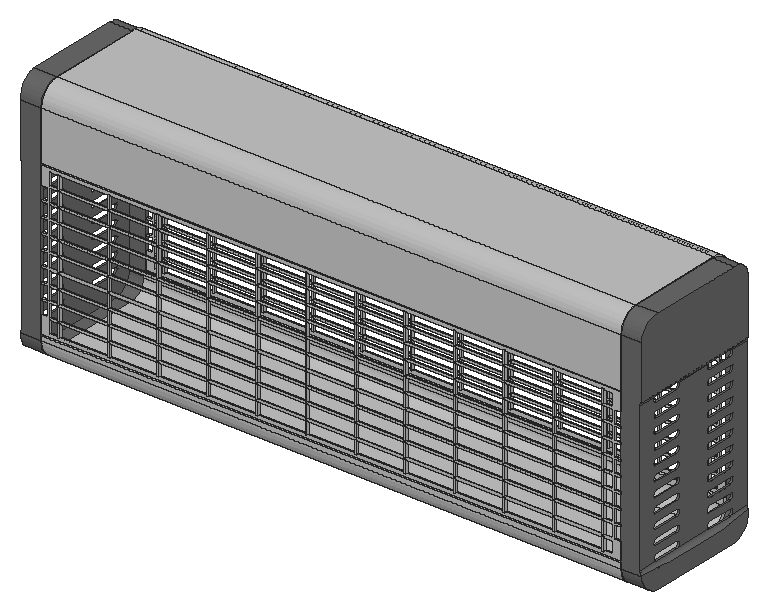
Revit family "QF_BOURGEAT_Desinsectiseur_électrique", category Equipement spécialisé, Revit 2015
Parameters (values of type "Pour 240 m²")
  nombre grille = (Longueur hors tout - 50 mm) / 50 mm  # 12
  URL catalogue = "http://www.bourgeat.fr"
  URL = ""
  Type de Raccord Electrique = ""
  Type article = ""
  Tube actinique = "2 x 40 W"
  Tension = 230 V
  Spécification du Fabricant = "Desinsectiseur modèle électrique"
  Remarques Electricité = ""
  Puissance électrique  = 105 W
  Profondeur hors tout = 140 mm
  Poids net à vide = 8.50 kg
  Phase = 2
  Longueur hors tout = 660 mm
  Modèle = "731111"
  Intensité nominale = 0.45 A
  Indice de protection = "21"
  Hauteur hors tout = 260 mm
  Fréquence = 50 Hz
  Fabricant = "BOURGEAT"
  Description = ""
  Cote grille = ((Longueur hors tout - 50 mm) - ((nombre grille - 1) * 52 mm + 2 mm)) / 2  # 18 mm
  Contact SAV = "0033(4).76.32.14.44"
  Type Comments = ""
Types (4, lengths in mm): name | nombre grille | Tube actinique | Puissance électrique  | Poids net à vide | Longueur hors tout | Modèle | Intensité nominale | Cote grille
  (no name) | 12 | "2 x 40 W" | 105 W | 8.50 kg | 660 | "731111" | 0.45 A | 18
  Pour 40 m² | 6 | "2 x 8 W" | 25 W | 4.00 kg | 360 | "731109" | 0.11 A | 24
  Pour 80 m² | 10 | "2 x 15 W" | 45 W | 4.50 kg | 530 | "731110" | 0.2 A | 5
  Pour 240 m² | 12 | "2 x 40 W" | 105 W | 8.50 kg | 660 | "731111" | 0.45 A | 18
Reference planes
  plane 1 "Centre (avant/arrière)": y = 0
  plane 2: z = 0
  plane 3 "Centre (gauche/droite)": x = 0
  plane 4: y = 70
  plane 5: x = -330
  plane 6: x = 330
  plane 7: y = -70
  plane 8: z = 260
  plane 9: x = -305
  plane 10: x = 305
  plane 11: x = -287
  plane 12: x = 287
Forms (mm)
  Extrusion 1, solid, material "Plastique gris"
    sketch origin (0, 0, 0) x (0, 1, 0) y (0, 0, 1)
      loop
        line (-70, 240) -> (-70, 187.685) -> (-68, 187.685) -> (-68, 240)
        arc (-68, 240) -> (-62.728, 252.728) -> (-50, 258) r 18
        line (-50, 258) -> (53, 258)
        arc (53, 258) -> (63.607, 253.607) -> (68, 243) r 15
        line (68, 243) -> (68, 190.685) -> (70, 190.685) -> (70, 243)
        arc (70, 243) -> (65.021, 255.021) -> (53, 260) r 17
        line (53, 260) -> (-50, 260)
        arc (-50, 260) -> (-64.142, 254.142) -> (-70, 240) r 20
      loop
        line (-50, 0) -> (50, 0)
        arc (50, 0) -> (64.142, 5.858) -> (70, 20) r 20
        line (70, 20) -> (70, 26.536) -> (65, 26.536) -> (65, 20)
        arc (65, 20) -> (60.607, 9.393) -> (50, 5) r 15
        line (50, 5) -> (-50, 5)
        arc (-50, 5) -> (-60.607, 9.393) -> (-65, 20) r 15
        line (-65, 20) -> (-65, 25) -> (-70, 25) -> (-70, 20)
        arc (-70, 20) -> (-64.142, 5.858) -> (-50, 0) r 20
    from -305 to 305
  Extrusion 2, solid, material "Plastique gris"
    sketch origin (186, -323.5, 0) x (-1, 0, 0) y (0, 0, -1)
      loop
        line (491, -185.969) -> (491, -167.185) -> (483.997, -167.185) -> (483.997, -153.685) -> (491, -153.685) -> (491, -151.685) -> (483.997, -151.685) -> (483.997, -138.185) -> (491, -138.185) -> (491, -136.185) -> (483.997, -136.185) -> (483.997, -122.685) -> (491, -122.685) -> (491, -120.685) -> (483.997, -120.685) -> (483.997, -107.185) -> (491, -107.185) -> (491, -105.185) -> (483.997, -105.185) -> (483.997, -91.685) -> (491, -91.685) -> (491, -89.685) -> (483.997, -89.685) -> (483.997, -76.185) -> (491, -76.185) -> (491, -74.185) -> (483.997, -74.185) -> (483.997, -60.685) -> (491, -60.685) -> (491, -58.685) -> (483.997, -58.685) -> (483.997, -45.185) -> (491, -45.185) -> (491, -26.901) -> (-119, -26.901) -> (-119, -45.185) -> (-111.997, -45.185) -> (-111.997, -58.685) -> (-119, -58.685) -> (-119, -60.685) -> (-111.997, -60.685) -> (-111.997, -74.185) -> (-119, -74.185) -> (-119, -76.185) -> (-111.997, -76.185) -> (-111.997, -89.685) -> (-119, -89.685) -> (-119, -91.685) -> (-111.997, -91.685) -> (-111.997, -105.185) -> (-119, -105.185) -> (-119, -107.185) -> (-111.997, -107.185) -> (-111.997, -120.685) -> (-119, -120.685) -> (-119, -122.685) -> (-111.997, -122.685) -> (-111.997, -136.185) -> (-119, -136.185) -> (-119, -138.185) -> (-111.997, -138.185) -> (-111.997, -151.685) -> (-119, -151.685) -> (-119, -153.685) -> (-111.997, -153.685) -> (-111.997, -167.185) -> (-119, -167.185) -> (-119, -185.969) -> (491, -185.969)
      loop
        line (-109.997, -182.685) -> (481.997, -182.685) -> (481.997, -169.185) -> (-109.997, -169.185) -> (-109.997, -182.685)
      loop
        line (-109.997, -30.185) -> (-109.997, -43.185) -> (481.997, -43.185) -> (481.997, -30.185) -> (-109.997, -30.185)
      loop
        line (481.997, -167.185) -> (481.997, -153.685) -> (-109.997, -153.685) -> (-109.997, -167.185) -> (481.997, -167.185)
      loop
        line (481.997, -151.685) -> (481.997, -138.185) -> (-109.997, -138.185) -> (-109.997, -151.685) -> (481.997, -151.685)
      loop
        line (481.997, -136.185) -> (481.997, -122.685) -> (-109.997, -122.685) -> (-109.997, -136.185) -> (481.997, -136.185)
      loop
        line (481.997, -120.685) -> (481.997, -107.185) -> (-109.997, -107.185) -> (-109.997, -120.685) -> (481.997, -120.685)
      loop
        line (481.997, -105.185) -> (481.997, -91.685) -> (-109.997, -91.685) -> (-109.997, -105.185) -> (481.997, -105.185)
      loop
        line (481.997, -89.685) -> (481.997, -76.185) -> (-109.997, -76.185) -> (-109.997, -89.685) -> (481.997, -89.685)
      loop
        line (481.997, -74.185) -> (481.997, -60.685) -> (-109.997, -60.685) -> (-109.997, -74.185) -> (481.997, -74.185)
      loop
        line (481.997, -58.685) -> (481.997, -45.185) -> (-109.997, -45.185) -> (-109.997, -58.685) -> (481.997, -58.685)
    from -255.5 to -253.5
  Extrusion 3, solid, material "Plastique gris"
    sketch origin (186, 323.5, 0) x (-1, 0, 0) y (0, 0, 1)
      loop
        line (491, 185.969) -> (-119, 185.969) -> (-119, 167.185) -> (-111.997, 167.185) -> (-111.997, 153.685) -> (-119, 153.685) -> (-119, 151.685) -> (-111.997, 151.685) -> (-111.997, 138.185) -> (-119, 138.185) -> (-119, 136.185) -> (-111.997, 136.185) -> (-111.997, 122.685) -> (-119, 122.685) -> (-119, 120.685) -> (-111.997, 120.685) -> (-111.997, 107.185) -> (-119, 107.185) -> (-119, 105.185) -> (-111.997, 105.185) -> (-111.997, 91.685) -> (-119, 91.685) -> (-119, 89.685) -> (-111.997, 89.685) -> (-111.997, 76.185) -> (-119, 76.185) -> (-119, 74.185) -> (-111.997, 74.185) -> (-111.997, 60.685) -> (-119, 60.685) -> (-119, 58.685) -> (-111.997, 58.685) -> (-111.997, 45.185) -> (-119, 45.185) -> (-119, 26.901) -> (491, 26.901) -> (491, 45.185) -> (483.997, 45.185) -> (483.997, 58.685) -> (491, 58.685) -> (491, 60.685) -> (483.997, 60.685) -> (483.997, 74.185) -> (491, 74.185) -> (491, 76.185) -> (483.997, 76.185) -> (483.997, 89.685) -> (491, 89.685) -> (491, 91.685) -> (483.997, 91.685) -> (483.997, 105.185) -> (491, 105.185) -> (491, 107.185) -> (483.997, 107.185) -> (483.997, 120.685) -> (491, 120.685) -> (491, 122.685) -> (483.997, 122.685) -> (483.997, 136.185) -> (491, 136.185) -> (491, 138.185) -> (483.997, 138.185) -> (483.997, 151.685) -> (491, 151.685) -> (491, 153.685) -> (483.997, 153.685) -> (483.997, 167.185) -> (491, 167.185) -> (491, 185.969)
      loop
        line (-109.997, 182.685) -> (-109.997, 169.185) -> (481.997, 169.185) -> (481.997, 182.685) -> (-109.997, 182.685)
      loop
        line (-109.997, 30.185) -> (481.997, 30.185) -> (481.997, 43.185) -> (-109.997, 43.185) -> (-109.997, 30.185)
      loop
        line (481.997, 167.185) -> (-109.997, 167.185) -> (-109.997, 153.685) -> (481.997, 153.685) -> (481.997, 167.185)
      loop
        line (481.997, 151.685) -> (-109.997, 151.685) -> (-109.997, 138.185) -> (481.997, 138.185) -> (481.997, 151.685)
      loop
        line (481.997, 136.185) -> (-109.997, 136.185) -> (-109.997, 122.685) -> (481.997, 122.685) -> (481.997, 136.185)
      loop
        line (481.997, 120.685) -> (-109.997, 120.685) -> (-109.997, 107.185) -> (481.997, 107.185) -> (481.997, 120.685)
      loop
        line (481.997, 105.185) -> (-109.997, 105.185) -> (-109.997, 91.685) -> (481.997, 91.685) -> (481.997, 105.185)
      loop
        line (481.997, 89.685) -> (-109.997, 89.685) -> (-109.997, 76.185) -> (481.997, 76.185) -> (481.997, 89.685)
      loop
        line (481.997, 74.185) -> (-109.997, 74.185) -> (-109.997, 60.685) -> (481.997, 60.685) -> (481.997, 74.185)
      loop
        line (481.997, 58.685) -> (-109.997, 58.685) -> (-109.997, 45.185) -> (481.997, 45.185) -> (481.997, 58.685)
    from -255.5 to -253.5
Dimensions and locks
  equal spacing: plane 5, plane 3 "Centre (gauche/droite)", plane 6
  equal spacing: plane 4, plane 1 "Centre (avant/arrière)", plane 7
  "Longueur hors tout": plane 5 to plane 6
  "Profondeur hors tout": plane 4 to plane 7
  "Hauteur hors tout": plane 2 to plane 8
  plane 5 to plane 9 = 25 mm
  plane 10 to plane 6 = 25 mm
  plane 10 to plane 9 = 610 mm
  "Cote grille": plane 11 to plane 9
  "Cote grille": plane 10 to plane 12
  equal spacing: group 1, group 3, group 4, group 5, group 6, group 7, group 8, group 9, group 10, group 11, group 12, group 2  (x3)
  aligned and locked: level to plane 2
  aligned and locked: plane 10 to Extrusion 1
  aligned and locked: Extrusion 1 to plane 9
  aligned and locked: Extrusion 2 sketch curve to plane 10
  aligned and locked: Extrusion 2 sketch curve to plane 9
  aligned and locked: Extrusion 2 to Extrusion 1
  aligned and locked: Extrusion 2 to plane 7
  aligned and locked: plane 9 to nested 1
  aligned and locked: nested 2 to plane 1 "Centre (avant/arrière)"
  aligned and locked: nested 2 to plane 10
  aligned and locked: plane 11 to nested 3
  aligned and locked: nested 4 to plane 7
  aligned and locked: plane 11 to nested 4
  aligned and locked: plane 11 to nested 6
  aligned and locked: plane 11 to nested 5
  aligned and locked: plane 11 to nested 8
  aligned and locked: plane 11 to nested 7
  aligned and locked: plane 11 to nested 10
  aligned and locked: plane 11 to nested 9
  aligned and locked: plane 11 to nested 12
  aligned and locked: plane 11 to nested 11
  aligned and locked: plane 11 to nested 14
  aligned and locked: plane 11 to nested 13
  aligned and locked: plane 12 to nested 24
Automatic sketch dimensions
  Extrusion 1 sketch curve to Extrusion 1 sketch curve = 0 mm  (x8)
  Extrusion 1 sketch curve to plane 7 = 0 mm  (x2)
  Extrusion 1 sketch curve to level = 0 mm
  plane 8 to Extrusion 1 sketch curve = 0 mm
  Extrusion 1 sketch curve to plane 4 = 0 mm  (x2)
  Extrusion 1 sketch curve to Extrusion 1 sketch curve = 2 mm
  Extrusion 1 sketch curve to Extrusion 1 sketch curve = 5 mm  (x2)
  plane 7 to Extrusion 1 sketch curve = 20 mm  (x2)
  Extrusion 1 sketch curve to Extrusion 1 sketch curve = 15 mm  (x2)
  Extrusion 1 sketch curve to Extrusion 1 sketch curve = 6.536 mm
  Extrusion 1 sketch curve to Extrusion 1 sketch curve = 52.315 mm  (x2)
  Extrusion 2 sketch curve to plane 10 = 0 mm  (x8)
  Extrusion 2 sketch curve to plane 9 = 0 mm  (x8)
  Extrusion 2 sketch curve to Extrusion 2 sketch curve = 7.003 mm  (x5)
  Extrusion 2 sketch curve to Extrusion 2 sketch curve = 0 mm  (x32)
  Extrusion 2 sketch curve to Extrusion 2 sketch curve = 2 mm  (x34)
  plane 9 to Extrusion 2 sketch curve = 9.003 mm  (x3)
  plane 8 to Extrusion 2 sketch curve = 74.031 mm
  Extrusion 2 sketch curve to Extrusion 2 sketch curve = 3.284 mm  (x2)
  Extrusion 2 sketch curve to Extrusion 2 sketch curve = 13.5 mm  (x12)
  Extrusion 2 sketch curve to Extrusion 2 sketch curve = 13 mm
  Extrusion 3 sketch curve to plane 10 = 0 mm  (x9)
  Extrusion 3 sketch curve to plane 9 = 0 mm  (x9)
  Extrusion 3 sketch curve to Extrusion 3 sketch curve = 7.003 mm  (x5)
  Extrusion 3 sketch curve to Extrusion 3 sketch curve = 0 mm  (x39)
  Extrusion 3 sketch curve to Extrusion 3 sketch curve = 2 mm  (x27)
  plane 9 to Extrusion 3 sketch curve = 9.003 mm  (x3)
  level to Extrusion 3 sketch curve = 26.901 mm
  Extrusion 3 sketch curve to Extrusion 3 sketch curve = 3.284 mm  (x2)
  Extrusion 3 sketch curve to Extrusion 3 sketch curve = 13 mm
  Extrusion 3 sketch curve to Extrusion 3 sketch curve = 13.5 mm  (x12)
Nested families
  nested 1: "joues" at (-305, 0, 0), type "joues"
  nested 2: "joues" at (305, 0, 0) x (-1, 0, 0) z (0, 0, 1), type "joues"
  nested 3: "Grille" at (-287, 70, 169.185), type "Grille"
  nested 4: "Grille" at (-287, -68, 169.185), type "Grille"
  nested 5: "Grille" at (-287, 70, 153.685), type "Grille"
  nested 6: "Grille" at (-287, -68, 153.685), type "Grille"
  nested 7: "Grille" at (-287, 70, 138.185), type "Grille"
  nested 8: "Grille" at (-287, -68, 138.185), type "Grille"
  nested 9: "Grille" at (-287, 70, 122.685), type "Grille"
  nested 10: "Grille" at (-287, -68, 122.685), type "Grille"
  nested 11: "Grille" at (-287, 70, 107.185), type "Grille"
  nested 12: "Grille" at (-287, -68, 107.185), type "Grille"
  nested 13: "Grille" at (-287, 70, 91.685), type "Grille"
  nested 14: "Grille" at (-287, -68, 91.685), type "Grille"
  nested 15: "Grille" at (-287, 70, 76.185), type "Grille"
  nested 16: "Grille" at (-287, -68, 76.185), type "Grille"
  nested 17: "Grille" at (-287, 70, 60.685), type "Grille"
  nested 18: "Grille" at (-287, -68, 60.685), type "Grille"
  nested 19: "Grille" at (-287, 70, 45.185), type "Grille"
  nested 20: "Grille" at (-287, -68, 45.185), type "Grille"
  nested 21: "Grille" at (-287, 70, 29.685), type "Grille"
  nested 22: "Grille" at (-287, -68, 29.685), type "Grille"
  nested 23: "Grille" at (285, 70, 169.185), type "Grille"
  nested 24: "Grille" at (285, -68, 169.185), type "Grille"
  nested 25: "Grille" at (285, 70, 153.685), type "Grille"
  nested 26: "Grille" at (285, -68, 153.685), type "Grille"
  nested 27: "Grille" at (285, 70, 138.185), type "Grille"
  nested 28: "Grille" at (285, -68, 138.185), type "Grille"
  nested 29: "Grille" at (285, 70, 122.685), type "Grille"
  nested 30: "Grille" at (285, -68, 122.685), type "Grille"
  nested 31: "Grille" at (285, 70, 107.185), type "Grille"
  nested 32: "Grille" at (285, -68, 107.185), type "Grille"
  nested 33: "Grille" at (285, 70, 91.685), type "Grille"
  nested 34: "Grille" at (285, -68, 91.685), type "Grille"
  nested 35: "Grille" at (285, 70, 76.185), type "Grille"
  nested 36: "Grille" at (285, -68, 76.185), type "Grille"
  nested 37: "Grille" at (285, 70, 60.685), type "Grille"
  nested 38: "Grille" at (285, -68, 60.685), type "Grille"
  nested 39: "Grille" at (285, 70, 45.185), type "Grille"
  nested 40: "Grille" at (285, -68, 45.185), type "Grille"
  nested 41: "Grille" at (285, 70, 29.685), type "Grille"
  nested 42: "Grille" at (285, -68, 29.685), type "Grille"
  nested 43: "Grille" at (-235, 70, 169.185), type "Grille"
  nested 44: "Grille" at (-235, -68, 169.185), type "Grille"
  nested 45: "Grille" at (-235, 70, 153.685), type "Grille"
  nested 46: "Grille" at (-235, -68, 153.685), type "Grille"
  nested 47: "Grille" at (-235, 70, 138.185), type "Grille"
  nested 48: "Grille" at (-235, -68, 138.185), type "Grille"
  nested 49: "Grille" at (-235, 70, 122.685), type "Grille"
  nested 50: "Grille" at (-235, -68, 122.685), type "Grille"
  nested 51: "Grille" at (-235, 70, 107.185), type "Grille"
  nested 52: "Grille" at (-235, -68, 107.185), type "Grille"
  nested 53: "Grille" at (-235, 70, 91.685), type "Grille"
  nested 54: "Grille" at (-235, -68, 91.685), type "Grille"
  nested 55: "Grille" at (-235, 70, 76.185), type "Grille"
  nested 56: "Grille" at (-235, -68, 76.185), type "Grille"
  nested 57: "Grille" at (-235, 70, 60.685), type "Grille"
  nested 58: "Grille" at (-235, -68, 60.685), type "Grille"
  nested 59: "Grille" at (-235, 70, 45.185), type "Grille"
  nested 60: "Grille" at (-235, -68, 45.185), type "Grille"
  nested 61: "Grille" at (-235, 70, 29.685), type "Grille"
  nested 62: "Grille" at (-235, -68, 29.685), type "Grille"
  nested 63: "Grille" at (-183, 70, 169.185), type "Grille"
  nested 64: "Grille" at (-183, -68, 169.185), type "Grille"
  nested 65: "Grille" at (-183, 70, 153.685), type "Grille"
  nested 66: "Grille" at (-183, -68, 153.685), type "Grille"
  nested 67: "Grille" at (-183, 70, 138.185), type "Grille"
  nested 68: "Grille" at (-183, -68, 138.185), type "Grille"
  nested 69: "Grille" at (-183, 70, 122.685), type "Grille"
  nested 70: "Grille" at (-183, -68, 122.685), type "Grille"
  nested 71: "Grille" at (-183, 70, 107.185), type "Grille"
  nested 72: "Grille" at (-183, -68, 107.185), type "Grille"
  nested 73: "Grille" at (-183, 70, 91.685), type "Grille"
  nested 74: "Grille" at (-183, -68, 91.685), type "Grille"
  nested 75: "Grille" at (-183, 70, 76.185), type "Grille"
  nested 76: "Grille" at (-183, -68, 76.185), type "Grille"
  nested 77: "Grille" at (-183, 70, 60.685), type "Grille"
  nested 78: "Grille" at (-183, -68, 60.685), type "Grille"
  nested 79: "Grille" at (-183, 70, 45.185), type "Grille"
  nested 80: "Grille" at (-183, -68, 45.185), type "Grille"
  nested 81: "Grille" at (-183, 70, 29.685), type "Grille"
  nested 82: "Grille" at (-183, -68, 29.685), type "Grille"
  nested 83: "Grille" at (-131, 70, 169.185), type "Grille"
  nested 84: "Grille" at (-131, -68, 169.185), type "Grille"
  nested 85: "Grille" at (-131, 70, 153.685), type "Grille"
  nested 86: "Grille" at (-131, -68, 153.685), type "Grille"
  nested 87: "Grille" at (-131, 70, 138.185), type "Grille"
  nested 88: "Grille" at (-131, -68, 138.185), type "Grille"
  nested 89: "Grille" at (-131, 70, 122.685), type "Grille"
  nested 90: "Grille" at (-131, -68, 122.685), type "Grille"
  nested 91: "Grille" at (-131, 70, 107.185), type "Grille"
  nested 92: "Grille" at (-131, -68, 107.185), type "Grille"
  nested 93: "Grille" at (-131, 70, 91.685), type "Grille"
  nested 94: "Grille" at (-131, -68, 91.685), type "Grille"
  nested 95: "Grille" at (-131, 70, 76.185), type "Grille"
  nested 96: "Grille" at (-131, -68, 76.185), type "Grille"
  nested 97: "Grille" at (-131, 70, 60.685), type "Grille"
  nested 98: "Grille" at (-131, -68, 60.685), type "Grille"
  nested 99: "Grille" at (-131, 70, 45.185), type "Grille"
  nested 100: "Grille" at (-131, -68, 45.185), type "Grille"
  nested 101: "Grille" at (-131, 70, 29.685), type "Grille"
  nested 102: "Grille" at (-131, -68, 29.685), type "Grille"
  nested 103: "Grille" at (-79, 70, 169.185), type "Grille"
  nested 104: "Grille" at (-79, -68, 169.185), type "Grille"
  nested 105: "Grille" at (-79, 70, 153.685), type "Grille"
  nested 106: "Grille" at (-79, -68, 153.685), type "Grille"
  nested 107: "Grille" at (-79, 70, 138.185), type "Grille"
  nested 108: "Grille" at (-79, -68, 138.185), type "Grille"
  nested 109: "Grille" at (-79, 70, 122.685), type "Grille"
  nested 110: "Grille" at (-79, -68, 122.685), type "Grille"
  nested 111: "Grille" at (-79, 70, 107.185), type "Grille"
  nested 112: "Grille" at (-79, -68, 107.185), type "Grille"
  nested 113: "Grille" at (-79, 70, 91.685), type "Grille"
  nested 114: "Grille" at (-79, -68, 91.685), type "Grille"
  nested 115: "Grille" at (-79, 70, 76.185), type "Grille"
  nested 116: "Grille" at (-79, -68, 76.185), type "Grille"
  nested 117: "Grille" at (-79, 70, 60.685), type "Grille"
  nested 118: "Grille" at (-79, -68, 60.685), type "Grille"
  nested 119: "Grille" at (-79, 70, 45.185), type "Grille"
  nested 120: "Grille" at (-79, -68, 45.185), type "Grille"
  nested 121: "Grille" at (-79, 70, 29.685), type "Grille"
  nested 122: "Grille" at (-79, -68, 29.685), type "Grille"
  nested 123: "Grille" at (-27, 70, 169.185), type "Grille"
  nested 124: "Grille" at (-27, -68, 169.185), type "Grille"
  nested 125: "Grille" at (-27, 70, 153.685), type "Grille"
  nested 126: "Grille" at (-27, -68, 153.685), type "Grille"
  nested 127: "Grille" at (-27, 70, 138.185), type "Grille"
  nested 128: "Grille" at (-27, -68, 138.185), type "Grille"
  nested 129: "Grille" at (-27, 70, 122.685), type "Grille"
  nested 130: "Grille" at (-27, -68, 122.685), type "Grille"
  nested 131: "Grille" at (-27, 70, 107.185), type "Grille"
  nested 132: "Grille" at (-27, -68, 107.185), type "Grille"
  nested 133: "Grille" at (-27, 70, 91.685), type "Grille"
  nested 134: "Grille" at (-27, -68, 91.685), type "Grille"
  nested 135: "Grille" at (-27, 70, 76.185), type "Grille"
  nested 136: "Grille" at (-27, -68, 76.185), type "Grille"
  nested 137: "Grille" at (-27, 70, 60.685), type "Grille"
  nested 138: "Grille" at (-27, -68, 60.685), type "Grille"
  nested 139: "Grille" at (-27, 70, 45.185), type "Grille"
  nested 140: "Grille" at (-27, -68, 45.185), type "Grille"
  nested 141: "Grille" at (-27, 70, 29.685), type "Grille"
  nested 142: "Grille" at (-27, -68, 29.685), type "Grille"
  nested 143: "Grille" at (25, 70, 169.185), type "Grille"
  nested 144: "Grille" at (25, -68, 169.185), type "Grille"
  nested 145: "Grille" at (25, 70, 153.685), type "Grille"
  nested 146: "Grille" at (25, -68, 153.685), type "Grille"
  nested 147: "Grille" at (25, 70, 138.185), type "Grille"
  nested 148: "Grille" at (25, -68, 138.185), type "Grille"
  nested 149: "Grille" at (25, 70, 122.685), type "Grille"
  nested 150: "Grille" at (25, -68, 122.685), type "Grille"
  nested 151: "Grille" at (25, 70, 107.185), type "Grille"
  nested 152: "Grille" at (25, -68, 107.185), type "Grille"
  nested 153: "Grille" at (25, 70, 91.685), type "Grille"
  nested 154: "Grille" at (25, -68, 91.685), type "Grille"
  nested 155: "Grille" at (25, 70, 76.185), type "Grille"
  nested 156: "Grille" at (25, -68, 76.185), type "Grille"
  nested 157: "Grille" at (25, 70, 60.685), type "Grille"
  nested 158: "Grille" at (25, -68, 60.685), type "Grille"
  nested 159: "Grille" at (25, 70, 45.185), type "Grille"
  nested 160: "Grille" at (25, -68, 45.185), type "Grille"
  nested 161: "Grille" at (25, 70, 29.685), type "Grille"
  nested 162: "Grille" at (25, -68, 29.685), type "Grille"
  nested 163: "Grille" at (77, 70, 169.185), type "Grille"
  nested 164: "Grille" at (77, -68, 169.185), type "Grille"
  nested 165: "Grille" at (77, 70, 153.685), type "Grille"
  nested 166: "Grille" at (77, -68, 153.685), type "Grille"
  nested 167: "Grille" at (77, 70, 138.185), type "Grille"
  nested 168: "Grille" at (77, -68, 138.185), type "Grille"
  nested 169: "Grille" at (77, 70, 122.685), type "Grille"
  nested 170: "Grille" at (77, -68, 122.685), type "Grille"
  nested 171: "Grille" at (77, 70, 107.185), type "Grille"
  nested 172: "Grille" at (77, -68, 107.185), type "Grille"
  nested 173: "Grille" at (77, 70, 91.685), type "Grille"
  nested 174: "Grille" at (77, -68, 91.685), type "Grille"
  nested 175: "Grille" at (77, 70, 76.185), type "Grille"
  nested 176: "Grille" at (77, -68, 76.185), type "Grille"
  nested 177: "Grille" at (77, 70, 60.685), type "Grille"
  nested 178: "Grille" at (77, -68, 60.685), type "Grille"
  nested 179: "Grille" at (77, 70, 45.185), type "Grille"
  nested 180: "Grille" at (77, -68, 45.185), type "Grille"
  nested 181: "Grille" at (77, 70, 29.685), type "Grille"
  nested 182: "Grille" at (77, -68, 29.685), type "Grille"
  nested 183: "Grille" at (129, 70, 169.185), type "Grille"
  nested 184: "Grille" at (129, -68, 169.185), type "Grille"
  nested 185: "Grille" at (129, 70, 153.685), type "Grille"
  nested 186: "Grille" at (129, -68, 153.685), type "Grille"
  nested 187: "Grille" at (129, 70, 138.185), type "Grille"
  nested 188: "Grille" at (129, -68, 138.185), type "Grille"
  nested 189: "Grille" at (129, 70, 122.685), type "Grille"
  nested 190: "Grille" at (129, -68, 122.685), type "Grille"
  nested 191: "Grille" at (129, 70, 107.185), type "Grille"
  nested 192: "Grille" at (129, -68, 107.185), type "Grille"
  nested 193: "Grille" at (129, 70, 91.685), type "Grille"
  nested 194: "Grille" at (129, -68, 91.685), type "Grille"
  nested 195: "Grille" at (129, 70, 76.185), type "Grille"
  nested 196: "Grille" at (129, -68, 76.185), type "Grille"
  nested 197: "Grille" at (129, 70, 60.685), type "Grille"
  nested 198: "Grille" at (129, -68, 60.685), type "Grille"
  nested 199: "Grille" at (129, 70, 45.185), type "Grille"
  nested 200: "Grille" at (129, -68, 45.185), type "Grille"
  nested 201: "Grille" at (129, 70, 29.685), type "Grille"
  nested 202: "Grille" at (129, -68, 29.685), type "Grille"
  nested 203: "Grille" at (181, 70, 169.185), type "Grille"
  nested 204: "Grille" at (181, -68, 169.185), type "Grille"
  nested 205: "Grille" at (181, 70, 153.685), type "Grille"
  nested 206: "Grille" at (181, -68, 153.685), type "Grille"
  nested 207: "Grille" at (181, 70, 138.185), type "Grille"
  nested 208: "Grille" at (181, -68, 138.185), type "Grille"
  nested 209: "Grille" at (181, 70, 122.685), type "Grille"
  nested 210: "Grille" at (181, -68, 122.685), type "Grille"
  nested 211: "Grille" at (181, 70, 107.185), type "Grille"
  nested 212: "Grille" at (181, -68, 107.185), type "Grille"
  nested 213: "Grille" at (181, 70, 91.685), type "Grille"
  nested 214: "Grille" at (181, -68, 91.685), type "Grille"
  nested 215: "Grille" at (181, 70, 76.185), type "Grille"
  nested 216: "Grille" at (181, -68, 76.185), type "Grille"
  nested 217: "Grille" at (181, 70, 60.685), type "Grille"
  nested 218: "Grille" at (181, -68, 60.685), type "Grille"
  nested 219: "Grille" at (181, 70, 45.185), type "Grille"
  nested 220: "Grille" at (181, -68, 45.185), type "Grille"
  nested 221: "Grille" at (181, 70, 29.685), type "Grille"
  nested 222: "Grille" at (181, -68, 29.685), type "Grille"
  nested 223: "Grille" at (233, 70, 169.185), type "Grille"
  nested 224: "Grille" at (233, -68, 169.185), type "Grille"
  nested 225: "Grille" at (233, 70, 153.685), type "Grille"
  nested 226: "Grille" at (233, -68, 153.685), type "Grille"
  nested 227: "Grille" at (233, 70, 138.185), type "Grille"
  nested 228: "Grille" at (233, -68, 138.185), type "Grille"
  nested 229: "Grille" at (233, 70, 122.685), type "Grille"
  nested 230: "Grille" at (233, -68, 122.685), type "Grille"
  nested 231: "Grille" at (233, 70, 107.185), type "Grille"
  nested 232: "Grille" at (233, -68, 107.185), type "Grille"
  nested 233: "Grille" at (233, 70, 91.685), type "Grille"
  nested 234: "Grille" at (233, -68, 91.685), type "Grille"
  nested 235: "Grille" at (233, 70, 76.185), type "Grille"
  nested 236: "Grille" at (233, -68, 76.185), type "Grille"
  nested 237: "Grille" at (233, 70, 60.685), type "Grille"
  nested 238: "Grille" at (233, -68, 60.685), type "Grille"
  nested 239: "Grille" at (233, 70, 45.185), type "Grille"
  nested 240: "Grille" at (233, -68, 45.185), type "Grille"
  nested 241: "Grille" at (233, 70, 29.685), type "Grille"
  nested 242: "Grille" at (233, -68, 29.685), type "Grille"
Definition of nested family "joues"
  Parameters (values of type "joues")
    nombre grille = (Longueur hors tout - 50 mm) / 50 mm  # 12
    URL = "http://www.matferbourgeat.com"
    Largeur hors tout = 140 mm
    Poids à vide = "4 kg"
    Model = "731109"
    Longueur hors tout = 660 mm
    Hauteur hors tout = 260 mm
    Manufacturer = "BOURGEAT"
    Description = "Modèle électrique"
    Cote grille = ((Longueur hors tout - 50 mm) - ((nombre grille - 1) * 52 mm + 2 mm)) / 2  # 18 mm
    Type Comments = "Desinsectiseur"
  Reference planes
    plane 1 "Centre (avant/arrière)": y = 0
    plane 2: z = 0
    plane 3 "Centre (gauche/droite)": x = 0
    plane 4: y = 70
    plane 5: y = -70
    plane 6: z = 260
    plane 7: x = -25
  Forms (mm)
    Extrusion 1, void
      sketch origin (0, 0, 0) x (0, 1, 0) y (0, 0, 1)
        loop
          line (-86.248, 275.949) -> (-86.248, -19.051) -> (88.752, -19.051) -> (88.752, 275.949) -> (-86.248, 275.949)
        loop
          line (-70, 240) -> (-70, 20)
          arc (-70, 20) -> (-64.142, 5.858) -> (-50, 0) r 20
          line (-50, 0) -> (50, 0)
          arc (50, 0) -> (64.142, 5.858) -> (70, 20) r 20
          line (70, 20) -> (70, 240)
          arc (70, 240) -> (64.142, 254.142) -> (50, 260) r 20
          line (50, 260) -> (-50, 260)
          arc (-50, 260) -> (-64.142, 254.142) -> (-70, 240) r 20
      from -30 to 0
    Extrusion 2, void
      sketch origin (491, -323.5, 0) x (-1, 0, 0) y (0, 0, -1)
        loop
          line (511, -25) -> (511, -180)
          arc (511, -180) -> (512.464, -183.536) -> (516, -185) r 5
          line (516, -185) -> (516, -20)
          arc (516, -20) -> (512.464, -21.464) -> (511, -25) r 5
      from -393.5 to -253.5
    Extrusion 3, solid
      sketch origin (305, 0, 0) x (1, 0, 0) y (0, 1, 0)
        loop
          line (-305, 70) -> (-326.887, 70)
          arc (-326.887, 70) -> (-329.993, 0) -> (-326.89, -70) r 790.605
          line (-326.89, -70) -> (-305, -70) -> (-305, 70)
      from 0 to 260
    Extrusion 4, void
      sketch origin (0, 0, 2.998) x (0, 1, 0) y (0, 0, 1)
        loop
          arc (-48.837, 178.395) -> (-52.587, 174.644) -> (-48.837, 170.894) r 3.751
          line (-48.837, 170.894) -> (-21.163, 170.894)
          arc (-21.163, 170.894) -> (-17.413, 174.644) -> (-21.163, 178.395) r 3.751
          line (-21.163, 178.395) -> (-48.837, 178.395)
        loop
          line (48.837, 178.395) -> (21.163, 178.395)
          arc (21.163, 178.395) -> (17.413, 174.644) -> (21.163, 170.894) r 3.751
          line (21.163, 170.894) -> (48.837, 170.894)
          arc (48.837, 170.894) -> (52.587, 174.644) -> (48.837, 178.395) r 3.751
      from -30 to 0
    Extrusion 5, void
      sketch origin (0, 0, -12.002) x (0, 1, 0) y (0, 0, 1)
        loop
          arc (-48.837, 178.395) -> (-52.587, 174.644) -> (-48.837, 170.894) r 3.751
          line (-48.837, 170.894) -> (-21.163, 170.894)
          arc (-21.163, 170.894) -> (-17.413, 174.644) -> (-21.163, 178.395) r 3.751
          line (-21.163, 178.395) -> (-48.837, 178.395)
        loop
          line (48.837, 178.395) -> (21.163, 178.395)
          arc (21.163, 178.395) -> (17.413, 174.644) -> (21.163, 170.894) r 3.751
          line (21.163, 170.894) -> (48.837, 170.894)
          arc (48.837, 170.894) -> (52.587, 174.644) -> (48.837, 178.395) r 3.751
      from -30 to 0
    Extrusion 6, void
      sketch origin (0, 0, -27.002) x (0, 1, 0) y (0, 0, 1)
        loop
          arc (-48.837, 178.395) -> (-52.587, 174.644) -> (-48.837, 170.894) r 3.751
          line (-48.837, 170.894) -> (-21.163, 170.894)
          arc (-21.163, 170.894) -> (-17.413, 174.644) -> (-21.163, 178.395) r 3.751
          line (-21.163, 178.395) -> (-48.837, 178.395)
        loop
          line (48.837, 178.395) -> (21.163, 178.395)
          arc (21.163, 178.395) -> (17.413, 174.644) -> (21.163, 170.894) r 3.751
          line (21.163, 170.894) -> (48.837, 170.894)
          arc (48.837, 170.894) -> (52.587, 174.644) -> (48.837, 178.395) r 3.751
      from -30 to 0
    Extrusion 7, void
      sketch origin (0, 0, -42.002) x (0, 1, 0) y (0, 0, 1)
        loop
          arc (-48.837, 178.395) -> (-52.587, 174.644) -> (-48.837, 170.894) r 3.751
          line (-48.837, 170.894) -> (-21.163, 170.894)
          arc (-21.163, 170.894) -> (-17.413, 174.644) -> (-21.163, 178.395) r 3.751
          line (-21.163, 178.395) -> (-48.837, 178.395)
        loop
          line (48.837, 178.395) -> (21.163, 178.395)
          arc (21.163, 178.395) -> (17.413, 174.644) -> (21.163, 170.894) r 3.751
          line (21.163, 170.894) -> (48.837, 170.894)
          arc (48.837, 170.894) -> (52.587, 174.644) -> (48.837, 178.395) r 3.751
      from -30 to 0
    Extrusion 8, void
      sketch origin (0, 0, -57.002) x (0, 1, 0) y (0, 0, 1)
        loop
          arc (-48.837, 178.395) -> (-52.587, 174.644) -> (-48.837, 170.894) r 3.751
          line (-48.837, 170.894) -> (-21.163, 170.894)
          arc (-21.163, 170.894) -> (-17.413, 174.644) -> (-21.163, 178.395) r 3.751
          line (-21.163, 178.395) -> (-48.837, 178.395)
        loop
          line (48.837, 178.395) -> (21.163, 178.395)
          arc (21.163, 178.395) -> (17.413, 174.644) -> (21.163, 170.894) r 3.751
          line (21.163, 170.894) -> (48.837, 170.894)
          arc (48.837, 170.894) -> (52.587, 174.644) -> (48.837, 178.395) r 3.751
      from -30 to 0
    Extrusion 9, void
      sketch origin (0, 0, -72.002) x (0, 1, 0) y (0, 0, 1)
        loop
          arc (-48.837, 178.395) -> (-52.587, 174.644) -> (-48.837, 170.894) r 3.751
          line (-48.837, 170.894) -> (-21.163, 170.894)
          arc (-21.163, 170.894) -> (-17.413, 174.644) -> (-21.163, 178.395) r 3.751
          line (-21.163, 178.395) -> (-48.837, 178.395)
        loop
          line (48.837, 178.395) -> (21.163, 178.395)
          arc (21.163, 178.395) -> (17.413, 174.644) -> (21.163, 170.894) r 3.751
          line (21.163, 170.894) -> (48.837, 170.894)
          arc (48.837, 170.894) -> (52.587, 174.644) -> (48.837, 178.395) r 3.751
      from -30 to 0
    Extrusion 10, void
      sketch origin (0, 0, -87.002) x (0, 1, 0) y (0, 0, 1)
        loop
          arc (-48.837, 178.395) -> (-52.587, 174.644) -> (-48.837, 170.894) r 3.751
          line (-48.837, 170.894) -> (-21.163, 170.894)
          arc (-21.163, 170.894) -> (-17.413, 174.644) -> (-21.163, 178.395) r 3.751
          line (-21.163, 178.395) -> (-48.837, 178.395)
        loop
          line (48.837, 178.395) -> (21.163, 178.395)
          arc (21.163, 178.395) -> (17.413, 174.644) -> (21.163, 170.894) r 3.751
          line (21.163, 170.894) -> (48.837, 170.894)
          arc (48.837, 170.894) -> (52.587, 174.644) -> (48.837, 178.395) r 3.751
      from -30 to 0
    Extrusion 11, void
      sketch origin (0, 0, -102.002) x (0, 1, 0) y (0, 0, 1)
        loop
          arc (-48.837, 178.395) -> (-52.587, 174.644) -> (-48.837, 170.894) r 3.751
          line (-48.837, 170.894) -> (-21.163, 170.894)
          arc (-21.163, 170.894) -> (-17.413, 174.644) -> (-21.163, 178.395) r 3.751
          line (-21.163, 178.395) -> (-48.837, 178.395)
        loop
          line (48.837, 178.395) -> (21.163, 178.395)
          arc (21.163, 178.395) -> (17.413, 174.644) -> (21.163, 170.894) r 3.751
          line (21.163, 170.894) -> (48.837, 170.894)
          arc (48.837, 170.894) -> (52.587, 174.644) -> (48.837, 178.395) r 3.751
      from -30 to 0
    Extrusion 12, void
      sketch origin (0, 0, -117.002) x (0, 1, 0) y (0, 0, 1)
        loop
          arc (-48.837, 178.395) -> (-52.587, 174.644) -> (-48.837, 170.894) r 3.751
          line (-48.837, 170.894) -> (-21.163, 170.894)
          arc (-21.163, 170.894) -> (-17.413, 174.644) -> (-21.163, 178.395) r 3.751
          line (-21.163, 178.395) -> (-48.837, 178.395)
        loop
          line (48.837, 178.395) -> (21.163, 178.395)
          arc (21.163, 178.395) -> (17.413, 174.644) -> (21.163, 170.894) r 3.751
          line (21.163, 170.894) -> (48.837, 170.894)
          arc (48.837, 170.894) -> (52.587, 174.644) -> (48.837, 178.395) r 3.751
      from -30 to 0
    Extrusion 13, void
      sketch origin (0, 0, -132.002) x (0, 1, 0) y (0, 0, 1)
        loop
          arc (-48.837, 178.395) -> (-52.587, 174.644) -> (-48.837, 170.894) r 3.751
          line (-48.837, 170.894) -> (-21.163, 170.894)
          arc (-21.163, 170.894) -> (-17.413, 174.644) -> (-21.163, 178.395) r 3.751
          line (-21.163, 178.395) -> (-48.837, 178.395)
        loop
          line (48.837, 178.395) -> (21.163, 178.395)
          arc (21.163, 178.395) -> (17.413, 174.644) -> (21.163, 170.894) r 3.751
          line (21.163, 170.894) -> (48.837, 170.894)
          arc (48.837, 170.894) -> (52.587, 174.644) -> (48.837, 178.395) r 3.751
      from -30 to 0
    Extrusion 14, void
      sketch origin (0, 0, -147.002) x (0, 1, 0) y (0, 0, 1)
        loop
          arc (-48.837, 178.395) -> (-52.587, 174.644) -> (-48.837, 170.894) r 3.751
          line (-48.837, 170.894) -> (-21.163, 170.894)
          arc (-21.163, 170.894) -> (-17.413, 174.644) -> (-21.163, 178.395) r 3.751
          line (-21.163, 178.395) -> (-48.837, 178.395)
        loop
          line (48.837, 178.395) -> (21.163, 178.395)
          arc (21.163, 178.395) -> (17.413, 174.644) -> (21.163, 170.894) r 3.751
          line (21.163, 170.894) -> (48.837, 170.894)
          arc (48.837, 170.894) -> (52.587, 174.644) -> (48.837, 178.395) r 3.751
      from -30 to 0
    Extrusion 15, void
      sketch origin (0, 0, 0) x (0, 1, 0) y (0, 0, 1)
        loop
          line (-68, 240) -> (-68, 20)
          arc (-68, 20) -> (-62.728, 7.272) -> (-50, 2) r 18
          line (-50, 2) -> (50, 2)
          arc (50, 2) -> (62.728, 7.272) -> (68, 20) r 18
          line (68, 20) -> (68, 240)
          arc (68, 240) -> (62.728, 252.728) -> (50, 258) r 18
          line (50, 258) -> (-50, 258)
          arc (-50, 258) -> (-62.728, 252.728) -> (-68, 240) r 18
      from -17.894 to 0
  Cuts and joins
    Extrusion 1, Extrusion 2, Extrusion 4, Extrusion 5, Extrusion 6, Extrusion 7, Extrusion 8, Extrusion 9, Extrusion 10, Extrusion 11, Extrusion 12, Extrusion 13, Extrusion 14, Extrusion 15 cuts Extrusion 3
  Dimensions and locks
    equal spacing: plane 4, plane 1 "Centre (avant/arrière)", plane 5
    "Largeur hors tout": plane 4 to plane 5
    "Hauteur hors tout": plane 2 to plane 6
    plane 7 to plane 3 "Centre (gauche/droite)" = 25 mm
    aligned and locked: level to plane 2
    aligned and locked: Extrusion 1 sketch curve to plane 6
    aligned and locked: Extrusion 1 sketch curve to level
    aligned and locked: plane 4 to Extrusion 1 sketch curve
    aligned and locked: Extrusion 1 sketch curve to plane 5
    aligned and locked: plane 4 to Extrusion 2
    aligned and locked: Extrusion 2 to plane 5
    aligned and locked: Extrusion 1 to Extrusion 4
    aligned and locked: plane 3 "Centre (gauche/droite)" to Extrusion 4
    aligned and locked: plane 3 "Centre (gauche/droite)" to Extrusion 15
  Automatic sketch dimensions
    Extrusion 1 sketch curve to plane 5 = 16.248 mm
    level to Extrusion 1 sketch curve = 20 mm
    plane 5 to Extrusion 1 sketch curve = 20 mm
    Extrusion 1 sketch curve to plane 4 = 20 mm
    Extrusion 1 sketch curve to Extrusion 1 sketch curve = 20 mm
    plane 4 to Extrusion 1 sketch curve = 18.752 mm
    Extrusion 1 sketch curve to level = 19.051 mm
    Extrusion 1 sketch curve to plane 6 = 15.949 mm
    Extrusion 2 sketch curve to plane 7 = 0 mm
    Extrusion 2 sketch curve to Extrusion 2 sketch curve = 5 mm
    plane 6 to Extrusion 2 sketch curve = 75 mm
    level to Extrusion 2 sketch curve = 25 mm
    Extrusion 3 sketch curve to plane 5 = 0 mm
    Extrusion 3 sketch curve to plane 4 = 0 mm
    Extrusion 3 sketch curve to plane 3 "Centre (gauche/droite)" = 0 mm
    plane 7 to Extrusion 3 sketch curve = 3.113 mm
    Extrusion 3 sketch curve to Extrusion 3 sketch curve = 21.89 mm
    plane 3 "Centre (gauche/droite)" to Extrusion 3 sketch curve = 765.612 mm
    plane 5 to Extrusion 4 sketch curve = 21.163 mm
    plane 1 "Centre (avant/arrière)" to Extrusion 4 sketch curve = 21.163 mm
    Extrusion 4 sketch curve to plane 1 "Centre (avant/arrière)" = 21.163 mm
    Extrusion 4 sketch curve to plane 4 = 21.163 mm
    plane 6 to Extrusion 4 sketch curve = 86.108 mm
    Extrusion 4 sketch curve to Extrusion 4 sketch curve = 0 mm
    Extrusion 4 sketch curve to Extrusion 4 sketch curve = 3.751 mm  (x2)
    plane 5 to Extrusion 5 sketch curve = 21.163 mm
    plane 1 "Centre (avant/arrière)" to Extrusion 5 sketch curve = 21.163 mm
    Extrusion 5 sketch curve to plane 1 "Centre (avant/arrière)" = 21.163 mm
    Extrusion 5 sketch curve to plane 4 = 21.163 mm
    plane 6 to Extrusion 5 sketch curve = 101.108 mm
    Extrusion 5 sketch curve to Extrusion 5 sketch curve = 0 mm
    Extrusion 5 sketch curve to Extrusion 5 sketch curve = 3.751 mm  (x2)
    plane 5 to Extrusion 6 sketch curve = 21.163 mm
    plane 1 "Centre (avant/arrière)" to Extrusion 6 sketch curve = 21.163 mm
    Extrusion 6 sketch curve to plane 1 "Centre (avant/arrière)" = 21.163 mm
    Extrusion 6 sketch curve to plane 4 = 21.163 mm
    plane 6 to Extrusion 6 sketch curve = 116.108 mm
    Extrusion 6 sketch curve to Extrusion 6 sketch curve = 0 mm
    Extrusion 6 sketch curve to Extrusion 6 sketch curve = 3.751 mm  (x2)
    plane 5 to Extrusion 7 sketch curve = 21.163 mm
    plane 1 "Centre (avant/arrière)" to Extrusion 7 sketch curve = 21.163 mm
    Extrusion 7 sketch curve to plane 1 "Centre (avant/arrière)" = 21.163 mm
    Extrusion 7 sketch curve to plane 4 = 21.163 mm
    level to Extrusion 7 sketch curve = 128.892 mm
    Extrusion 7 sketch curve to Extrusion 7 sketch curve = 0 mm
    Extrusion 7 sketch curve to Extrusion 7 sketch curve = 3.751 mm  (x2)
    plane 5 to Extrusion 8 sketch curve = 21.163 mm
    plane 1 "Centre (avant/arrière)" to Extrusion 8 sketch curve = 21.163 mm
    Extrusion 8 sketch curve to plane 1 "Centre (avant/arrière)" = 21.163 mm
    Extrusion 8 sketch curve to plane 4 = 21.163 mm
    level to Extrusion 8 sketch curve = 113.892 mm
    Extrusion 8 sketch curve to Extrusion 8 sketch curve = 0 mm
    Extrusion 8 sketch curve to Extrusion 8 sketch curve = 3.751 mm  (x2)
    plane 5 to Extrusion 9 sketch curve = 21.163 mm
    plane 1 "Centre (avant/arrière)" to Extrusion 9 sketch curve = 21.163 mm
    Extrusion 9 sketch curve to plane 1 "Centre (avant/arrière)" = 21.163 mm
    Extrusion 9 sketch curve to plane 4 = 21.163 mm
    level to Extrusion 9 sketch curve = 98.892 mm
    Extrusion 9 sketch curve to Extrusion 9 sketch curve = 0 mm
    Extrusion 9 sketch curve to Extrusion 9 sketch curve = 3.751 mm  (x2)
    plane 5 to Extrusion 10 sketch curve = 21.163 mm
    plane 1 "Centre (avant/arrière)" to Extrusion 10 sketch curve = 21.163 mm
    Extrusion 10 sketch curve to plane 1 "Centre (avant/arrière)" = 21.163 mm
    Extrusion 10 sketch curve to plane 4 = 21.163 mm
    level to Extrusion 10 sketch curve = 83.892 mm
    Extrusion 10 sketch curve to Extrusion 10 sketch curve = 0 mm
    Extrusion 10 sketch curve to Extrusion 10 sketch curve = 3.751 mm  (x2)
    plane 5 to Extrusion 11 sketch curve = 21.163 mm
    plane 1 "Centre (avant/arrière)" to Extrusion 11 sketch curve = 21.163 mm
    Extrusion 11 sketch curve to plane 1 "Centre (avant/arrière)" = 21.163 mm
    Extrusion 11 sketch curve to plane 4 = 21.163 mm
    level to Extrusion 11 sketch curve = 68.892 mm  (x2)
    Extrusion 11 sketch curve to Extrusion 11 sketch curve = 3.751 mm  (x2)
    plane 5 to Extrusion 12 sketch curve = 21.163 mm
    plane 1 "Centre (avant/arrière)" to Extrusion 12 sketch curve = 21.163 mm
    Extrusion 12 sketch curve to plane 1 "Centre (avant/arrière)" = 21.163 mm
    Extrusion 12 sketch curve to plane 4 = 21.163 mm
    level to Extrusion 12 sketch curve = 53.892 mm  (x2)
    Extrusion 12 sketch curve to Extrusion 12 sketch curve = 3.751 mm  (x2)
    plane 5 to Extrusion 13 sketch curve = 21.163 mm
    plane 1 "Centre (avant/arrière)" to Extrusion 13 sketch curve = 21.163 mm
    Extrusion 13 sketch curve to plane 1 "Centre (avant/arrière)" = 21.163 mm
    Extrusion 13 sketch curve to plane 4 = 21.163 mm
    level to Extrusion 13 sketch curve = 38.892 mm  (x2)
    Extrusion 13 sketch curve to Extrusion 13 sketch curve = 3.751 mm  (x2)
    plane 5 to Extrusion 14 sketch curve = 21.163 mm
    plane 1 "Centre (avant/arrière)" to Extrusion 14 sketch curve = 21.163 mm
    Extrusion 14 sketch curve to plane 1 "Centre (avant/arrière)" = 21.163 mm
    Extrusion 14 sketch curve to plane 4 = 21.163 mm
    level to Extrusion 14 sketch curve = 23.892 mm  (x2)
    Extrusion 14 sketch curve to Extrusion 14 sketch curve = 3.751 mm  (x2)
    plane 6 to Extrusion 15 sketch curve = 2 mm
    Extrusion 15 sketch curve to Extrusion 15 sketch curve = 18 mm  (x3)
    Extrusion 15 sketch curve to plane 4 = 20 mm
    plane 5 to Extrusion 15 sketch curve = 2 mm
    Extrusion 15 sketch curve to plane 4 = 2 mm
    level to Extrusion 15 sketch curve = 20 mm
Definition of nested family "Grille"
  Parameters (values of type "Grille")
    Matériaux = none
  Reference planes
    plane 1 "Centre (avant/arrière)": y = 0
    plane 2: z = 0
    plane 3 "Centre (gauche/droite)": x = 0
  Forms (mm)
    Extrusion 1, solid, material <- "Matériaux"
      sketch origin (0, 0, 0) x (1, 0, 0) y (0, 0, 1)
        loop
          line (0, 0) -> (2, 0) -> (2, 13.5) -> (0, 13.5) -> (0, 0)
      from 0 to 2
  Dimensions and locks
    aligned and locked: level to plane 2
